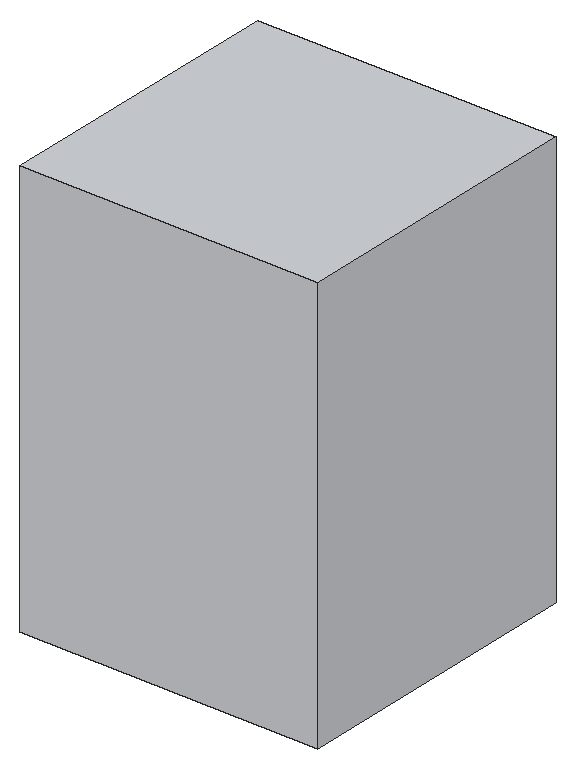
Revit family "1a3a3a862bca47cebd7f55c75922cd7e", category Site, Revit 2021
Family settings
  Round Connector Dimension = Use Radius
  Part Type = Normal
  Seek Item ID = Water Connection-0000-USA-ENU
  Work Plane-Based = No
  Always vertical = Yes
  Cut with Voids When Loaded = No
  Shared = No
Parameters (values of type "28"x28"")
  Width = 3' - 4"
  Outlet Radius [instance] = 0' - 1"
  Outlet Diameter [instance] = 2 * Outlet Radius  # 0' - 2"
  Length = 3' - 4"
  Inlet Radius [instance] = 0' - 1"
  Inlet Offset from Outlet [instance] = 0' - 0"
  Well Top Offset from Level [instance] = 0' - 8"
  Inlet Center Offset from Level [instance] = 3' - 3"
  Inlet Diameter [instance] = 2 * Inlet Radius  # 0' - 2"
  Height = 4' - 8"
Types (3): name | Width | Outlet Radius | Outlet Diameter | Length | Inlet Radius | Inlet Center Offset from Level | Inlet Diameter | Height
  (no name) | 3' - 4" | 0' - 1" | 0' - 2" | 3' - 4" | 0' - 1" | 3' - 3" | 0' - 2" | 4' - 8"
  28"x28" | 3' - 4" | 0' - 1" | 0' - 2" | 3' - 4" | 0' - 1" | 3' - 3" | 0' - 2" | 4' - 8"
  40"x40" | 4' - 4" | 0' - 2" | 0' - 4" | 4' - 4" | 0' - 2" | 4' - 10" | 0' - 4" | 6' - 4"
Reference planes (in)
  plane 1 "Center (Front/Back)": y = 0
  plane 2: z = 0
  plane 3 "Center (Left/Right)": x = 0
  plane 4: z = -39
  plane 5: x = 40
  plane 6: z = -8
  plane 7: z = -64
  plane 8: y = 20
  plane 9: y = -20
  plane 10: z = -39
  plane 11: x = 20
Forms (in)
  Extrusion 1, solid
    sketch origin (0, 0, 0) x (1, 0, 0) y (0, 0, 1)
      loop
        line (0, -8) -> (0, -64) -> (40, -64) -> (40, -8) -> (0, -8)
    from -20 to 20
  Extrusion 2, solid
    sketch origin (0, 0, 0) x (0, 1, 0) y (0, 0, 1)
      loop
        circle (0, -39) r 1
    from 0 to 12
  Extrusion 3, solid
    sketch origin (0, 0, 0) x (0, 1, 0) y (0, 0, 1)
      loop
        circle (0, -39) r 1
    from 31.96151 to 40
Cuts and joins
  joined: Extrusion 1, Extrusion 2, Extrusion 3
Lines and regions (in)
  symbolic lines
    curve 1: line (0, 20, 0) -> (40, 20, 0)
    curve 2: line (0, -20, 0) -> (0, 20, 0)
    curve 3: line (40, -20, 0) -> (0, -20, 0)
    curve 4: line (40, 20, 0) -> (40, -20, 0)
Dimensions and locks (in)
  "Length": plane 5 to plane 3 "Center (Left/Right)"
  "Height": plane 6 to plane 7
  equal spacing: plane 9, plane 1 "Center (Front/Back)", plane 8
  "Width": plane 8 to plane 9
  "Inlet Offset from Outlet": plane 10 to plane 4
  "Well Top Offset from Level": plane 2 to plane 6
  "Inlet Center Offset from Level": plane 2 to plane 10
  equal spacing: plane 3 "Center (Left/Right)", plane 11, plane 5
  "Inlet Radius": radius of Extrusion 2 sketch curve
  "Outlet Radius": radius of Extrusion 3 sketch curve
  aligned and locked: level to plane 2
  aligned and locked: plane 3 "Center (Left/Right)" to Extrusion 1 sketch curve
  aligned and locked: Extrusion 1 sketch curve to plane 6
  aligned and locked: plane 7 to Extrusion 1 sketch curve
  aligned and locked: Extrusion 1 sketch curve to plane 5
  aligned and locked: plane 8 to Extrusion 1
  aligned and locked: Extrusion 1 to plane 9
  aligned and locked: plane 10 to Extrusion 2 sketch curve
  aligned and locked: plane 1 "Center (Front/Back)" to Extrusion 2 sketch curve
  aligned and locked: plane 4 to Extrusion 3 sketch curve
  aligned and locked: plane 1 "Center (Front/Back)" to Extrusion 3 sketch curve
  aligned and locked: Extrusion 2 to plane 3 "Center (Left/Right)"
  aligned and locked: plane 5 to Extrusion 3
  aligned and locked: plane 1 "Center (Front/Back)" to nested 1
  aligned and locked: plane 11 to nested 1
  aligned and locked: curve 1 to cut or joined group of Extrusion 1, Extrusion 2, Extrusion 3  (x2)
  aligned and locked: curve 4 to cut or joined group of Extrusion 1, Extrusion 2, Extrusion 3  (x2)
Nested families (in)
  nested 1: "Symbol" at (20, 0, 0), type "Symbol"
Connectors (in)
  piping at (0, 0, -39), diameter 2, driven by "Inlet Radius"
    settings: on Extrusion 2, index 1, connector inside diameter 2", connector length 0' - 0", flow factor 0, pipe flow 0 GPM, pressure drop 0.00 psi, fitting loss kfactor 0, connector angle 0.00°, fixture units 0, engagement length 0' - 0", angle of deflection 0.00°, flow configuration 0, flow direction 1, fitting loss method 0, system type 29, joint type 0, gender type 0, connector reference index 2, connector utility 1, adjustable connector no, is connector primary yes, connector description "Water In"
  piping at (40, 0, -39), diameter 2, driven by "Outlet Radius"
    settings: on Extrusion 3, index 2, connector inside diameter 2", connector length 0' - 0", flow factor 0, pipe flow 0 GPM, pressure drop 0.00 psi, fitting loss kfactor 0, connector angle 0.00°, fixture units 0, engagement length 0' - 0", angle of deflection 0.00°, flow configuration 0, flow direction 2, fitting loss method 0, system type 29, joint type 0, gender type 0, connector reference index 1, connector utility 0, adjustable connector no, is connector primary no, connector description "Water Out"
Definition of nested family "Symbol"
  Reference planes (in)
    plane 1: y = 0
    plane 2: x = 0
  Text (in)
    text "Water" at (-0.18061, 0.07572, 0)
